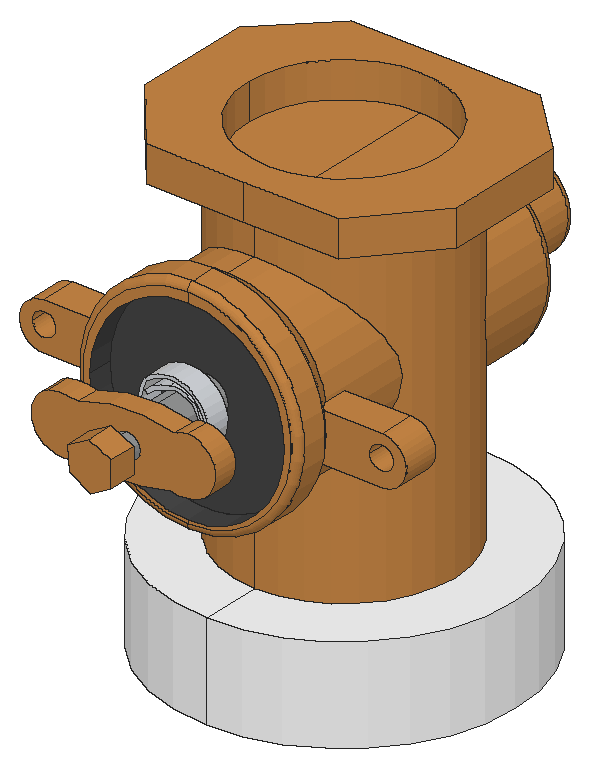
Revit family "Válvula descarga Alta Presión", category Plumbing Fixtures, Revit 2015
Parameters (values of type "Válvula descarga Alta Presión")
  Width = 80 mm
  URL = "www.mk.cl"
  Type Comments = "Válvula de descarga para WC alta presión Docol.Terminación: bronce."
  Supplier = "Mk"  # constant formula
  Model = "Válvula descarga Alta Presión"
  Manufacturer = "Docol"  # constant formula
  Keynote = "22 11 16"
  ID_Source = "BIMTOOL"
  ID_Objeto = "BT_F_F_1832"
  Height = 78 mm
  Description = "Válvula de descarga alta presión"
  Depth = 110 mm
  Copyright © = "Bimtool 2018 ®Todos los derechos reservados."  # constant formula
  BT_Uso = "Válvula descarga para WC"
  BT_SKU = "00 00 00"
  BT_Material = Liga de Cobre ,Plástico Engenharia e Elastômeros
  BT_Itemizado_Estandar_CDT = "E 04 02 00"
  BT_Color = "Bronce"
  Assembly Code = "D2010.60"
Reference planes
  plane 1 "Center (Front/Back)": y = 0
  plane 2: z = 0
  plane 3 "Center (Left/Right)": x = 0
  plane 4: x = 40
  plane 5: x = -40
  plane 6: z = 78
  plane 7: y = 55
  plane 8: y = -55
Forms (mm)
  Extrusion 1, solid, material "Liga de Cobre ,Plástico Engenharia e Elastômeros"
    sketch origin (0, 0, 0) x (1, 0, 0) y (0, 1, 0)
      loop
        line (0, 37.817) -> (-19.77, 37.817) -> (-32.586, 25) -> (-32.586, 0) -> (-20, -15) -> (0, -15) -> (20, -15) -> (32.586, 0) -> (32.586, 25) -> (19.77, 37.817) -> (0, 37.817)
      loop
        circle (0, 11.408) r 20
    from 70.49 to 78
  Revolve 2, solid, material "Liga de Cobre ,Plástico Engenharia e Elastômeros"
    sketch origin (0, 0, 0) x (0, 1, 0) y (0, 0, 1)
      loop
        line (11.408, 70.49) -> (11.408, 0.49) -> (34.613, 0.49) -> (34.613, 70.49) -> (11.408, 70.49)
      axis (11.408, 70.49) -> (11.408, 0.49)
    angle from 0 to 360
  Revolve 3, solid, material "Liga de Cobre ,Plástico Engenharia e Elastômeros"
    sketch origin (0, 0, 0) x (0, 1, 0) y (0, 0, 1)
      loop
        line (41.16, 42.355) -> (41.16, 60.781)
        arc (41.16, 60.781) -> (40.699, 61.894) -> (39.586, 62.355) r 1.573
        line (39.586, 62.355) -> (11.16, 62.355) -> (11.16, 42.355) -> (41.16, 42.355)
      axis (41.16, 42.355) -> (11.16, 42.355)
    angle from 0 to 360
  Revolve 4, solid, material "Liga de Cobre ,Plástico Engenharia e Elastômeros"
    sketch origin (0, 0, 0) x (0, 1, 0) y (0, 0, 1)
      loop
        line (39.305, 42.355) -> (59.305, 42.355) -> (59.305, 50.407)
        arc (59.305, 50.407) -> (58.826, 51.563) -> (57.67, 52.041) r 1.635
        line (57.67, 52.041) -> (39.305, 52.041) -> (39.305, 42.355)
      axis (39.305, 42.355) -> (59.305, 42.355)
    angle from 0 to 360
  Revolve 5, solid, material "Liga de Cobre ,Plástico Engenharia e Elastômeros"
    sketch origin (0, 0, 0) x (0, 1, 0) y (0, 0, 1)
      loop
        line (-22.498, 41.948) -> (19.974, 41.948) -> (19.974, 62.484) -> (-22.498, 62.484) -> (-22.498, 41.948)
      axis (-22.498, 41.948) -> (19.974, 41.948)
    angle from 0 to 360
  Revolve 6, solid, material "Liga de Cobre ,Plástico Engenharia e Elastômeros"
    sketch origin (0, 0, 0) x (0, 1, 0) y (0, 0, 1)
      loop
        line (-18.402, 41.948) -> (-18.402, 62.306) -> (-22.498, 65.173) -> (-27.917, 65.173)
        arc (-27.917, 65.173) -> (-28.984, 64.731) -> (-29.426, 63.664) r 1.509
        line (-29.426, 63.664) -> (-29.426, 41.948) -> (-18.402, 41.948)
      axis (-18.402, 41.948) -> (-29.426, 41.948)
    angle from 0 to 360
  Extrusion 7, solid, material "Liga de Cobre ,Plástico Engenharia e Elastômeros"
    sketch origin (0, 0, 0) x (1, 0, 0) y (0, 0, 1)
      loop
        line (21.319, 46.409) -> (21.319, 36.409) -> (35.124, 36.409)
        arc (35.124, 36.409) -> (40.124, 41.409) -> (35.124, 46.409) r 5
        line (35.124, 46.409) -> (21.319, 46.409)
      loop
        circle (34.972, 41.877) r 2.477
      loop
        line (-21.809, 46.654) -> (-35.614, 46.654)
        arc (-35.614, 46.654) -> (-40.614, 41.654) -> (-35.614, 36.654) r 5
        line (-35.614, 36.654) -> (-21.809, 36.654) -> (-21.809, 46.654)
      loop
        circle (-35.462, 42.121) r 2.477
    from 15 to 22.498
  Extrusion 8, void
    sketch origin (0, 0, 0) x (1, 0, 0) y (0, 0, 1)
      loop
        circle (0, 41.348) r 20.349
    from 24.406 to 30.689
  Extrusion 9, solid, material "Liga de Cobre ,Plástico Engenharia e Elastômeros"
    sketch origin (0, 0, 0) x (1, 0, 0) y (0, 0, 1)
      loop
        arc (15.481, 37.328) -> (18.47, 43.987) -> (12.723, 48.486) r 5.92
        arc (12.723, 48.486) -> (11.191, 48.285) -> (9.763, 47.693) r 5.92
        arc (9.763, 47.693) -> (-0.303, 48.692) -> (-10.21, 46.646) r 33.57
        arc (-10.21, 46.646) -> (-13.276, 46.972) -> (-16.342, 46.646) r 14.619
        arc (-16.342, 46.646) -> (-19.957, 41.146) -> (-16.342, 35.646) r 5.992
        arc (-16.342, 35.646) -> (-13.085, 34.972) -> (-9.828, 35.646) r 8.209
        arc (-9.828, 35.646) -> (-0.228, 35.071) -> (9.26, 36.646) r 42.957
        arc (9.26, 36.646) -> (12.435, 36.396) -> (15.481, 37.328) r 8.532
    from 40.363 to 45.283
  Extrusion 10, solid, material "Liga de Cobre ,Plástico Engenharia e Elastômeros"
    sketch origin (0, 0, 0) x (1, 0, 0) y (0, 0, 1)
      loop
        line (3.976, 44.525) -> (-0.79, 46.747) -> (-5.12, 44.247) -> (-4.684, 39.266) -> (-0.354, 36.766) -> (3.976, 39.266) -> (3.976, 44.525)
    from 48.538 to 54.361
  Revolve 11, solid, material "Metal gris"
    sketch origin (0, 0, 0) x (0, 1, 0) y (0, 0, 1)
      loop
        line (-38.538, 41.895) -> (-38.538, 44.525) -> (-48.538, 44.525) -> (-48.538, 41.895) -> (-38.538, 41.895)
      axis (-48.538, 41.895) -> (-38.538, 41.895)
    angle from 0 to 360
  Revolve 12, solid, material "Metal gris"
    sketch origin (0, 0, 0) x (0, 1, 0) y (0, 0, 1)
      loop
        line (-38.538, 41.895) -> (-21.908, 41.895) -> (-21.908, 46.187) -> (-36.876, 46.187) -> (-38.538, 44.525) -> (-38.538, 41.895)
      axis (-38.538, 41.895) -> (-21.908, 41.895)
    angle from 0 to 360
  Sweep 13, solid
    path origin (0, 0, 0) x (0, 1, 0) y (0, 0, 1)
      loop
        line (-34.426, 42.355) -> (-29.426, 42.355)
    profile origin (0, -31.926, 42.355) x (0, 0, 1) y (1, 0, 0)
      loop
        arc (0.006, -6.736) -> (-2.847, 7.156) -> (5.251, -4.487) r 7.239
        arc (5.251, -4.487) -> (2.591, -5.424) -> (-0.224, -5.575) r 9.904
        arc (-0.224, -5.575) -> (-5.696, 0.834) -> (0.591, 6.444) r 6.025
        arc (0.591, 6.444) -> (4.532, 4.385) -> (5.273, 0) r 4.999
        arc (5.273, 0) -> (4.295, -2.316) -> (2.849, -4.373) r 11.845
        line (2.849, -4.373) -> (3.41, -4.934)
        arc (3.41, -4.934) -> (5.167, -2.566) -> (6.116, 0.225) r 9.534
        arc (6.116, 0.225) -> (4.826, 4.97) -> (0.355, 7.016) r 5.795
        arc (0.355, 7.016) -> (-4.606, 4.961) -> (-6.661, 0) r 7.016
        arc (-6.661, 0) -> (-4.453, -4.49) -> (0.244, -6.217) r 6.733
        arc (0.244, -6.217) -> (3.117, -6.007) -> (5.787, -4.923) r 9.262
        arc (5.787, -4.923) -> (-3.116, 7.66) -> (-0.003, -7.437) r 7.874
        arc (-0.003, -7.437) -> (0.357, -7.091) -> (0.006, -6.736) r 0.351
  Revolve 14, solid, material "blanco"
    sketch origin (0, 0, 0) x (0, 1, 0) y (0, 0, 1)
      loop
        line (11.408, 0.49) -> (11.408, -19.51) -> (47.303, -19.51) -> (47.303, 0.49) -> (11.408, 0.49)
      axis (11.408, 0.49) -> (11.408, -19.51)
    angle from 0 to 360
Cuts and joins
  Extrusion 8 cuts Revolve 2
  Extrusion 8 cuts Revolve 5
  Extrusion 8 cuts Revolve 6
Dimensions and locks
  "Width": plane 5 to plane 4
  "Depth": plane 8 to plane 7
  "Height": plane 6 to level
  aligned and locked: level to plane 2
Automatic sketch dimensions
  Revolve 2 sketch curve to level = 0 mm
  Revolve 2 sketch curve to plane 1 "Center (Front/Back)" = 11.408 mm
  Revolve 2 sketch curve to plane 6 = 7.51 mm
  plane 7 to Revolve 2 sketch curve = 20.387 mm
  level to Revolve 2 sketch curve = 0.49 mm
  Revolve 2 sketch curve to Revolve 2 sketch curve = 0 mm  (x2)
  Revolve 3 sketch curve to plane 1 "Center (Front/Back)" = 11.16 mm
  plane 7 to Revolve 3 sketch curve = 15.414 mm
  plane 7 to Revolve 3 sketch curve = 13.84 mm
  Revolve 3 sketch curve to plane 6 = 35.645 mm
  Revolve 3 sketch curve to plane 6 = 17.219 mm
  Revolve 3 sketch curve to Revolve 3 sketch curve = 0 mm  (x2)
  Revolve 3 sketch curve to plane 7 = 4.319 mm
  plane 7 to Revolve 4 sketch curve = 15.695 mm
  Revolve 4 sketch curve to plane 7 = 2.67 mm
  Revolve 4 sketch curve to plane 6 = 35.645 mm
  Revolve 4 sketch curve to Revolve 4 sketch curve = 8.052 mm
  Revolve 4 sketch curve to Revolve 4 sketch curve = 0 mm  (x3)
  Revolve 4 sketch curve to Revolve 4 sketch curve = 1.635 mm
  plane 1 "Center (Front/Back)" to Revolve 5 sketch curve = 22.498 mm
  Revolve 5 sketch curve to plane 1 "Center (Front/Back)" = 19.974 mm
  Revolve 5 sketch curve to plane 6 = 36.052 mm
  Revolve 5 sketch curve to plane 6 = 15.516 mm
  Revolve 5 sketch curve to Revolve 5 sketch curve = 0 mm  (x2)
  Revolve 5 sketch curve to Revolve 5 sketch curve = 30.592 mm
  Revolve 6 sketch curve to plane 6 = 14.336 mm
  plane 8 to Revolve 6 sketch curve = 25.574 mm
  Revolve 6 sketch curve to Revolve 6 sketch curve = 1.509 mm
  Revolve 6 sketch curve to Revolve 6 sketch curve = 5.419 mm
  Revolve 6 sketch curve to Revolve 6 sketch curve = 11.023 mm
  Revolve 6 sketch curve to Revolve 6 sketch curve = 2.868 mm
  Revolve 6 sketch curve to Revolve 6 sketch curve = 21.716 mm
  Revolve 6 sketch curve to Revolve 6 sketch curve = 0 mm  (x3)
  Extrusion 7 sketch curve to plane 5 = 4.386 mm
  Extrusion 7 sketch curve to Extrusion 7 sketch curve = 0.152 mm  (x2)
  Extrusion 7 sketch curve to Extrusion 7 sketch curve = 13.805 mm
  Extrusion 7 sketch curve to plane 4 = 18.681 mm
  Extrusion 7 sketch curve to plane 4 = 5.028 mm
  level to Extrusion 7 sketch curve = 36.409 mm
  level to Extrusion 7 sketch curve = 36.654 mm
  Extrusion 7 sketch curve to Extrusion 7 sketch curve = 5 mm  (x2)
  Extrusion 7 sketch curve to Extrusion 7 sketch curve = 0.468 mm  (x2)
  Extrusion 8 sketch curve to plane 3 "Center (Left/Right)" = 0 mm
  Extrusion 8 sketch curve to plane 6 = 36.652 mm
  plane 1 "Center (Front/Back)" to Extrusion 1 sketch curve = 0 mm  (x2)
  Extrusion 1 sketch curve to plane 3 "Center (Left/Right)" = 0 mm  (x3)
  Extrusion 1 sketch curve to plane 3 "Center (Left/Right)" = 19.77 mm
  Extrusion 1 sketch curve to plane 3 "Center (Left/Right)" = 20 mm
  Extrusion 1 sketch curve to plane 5 = 7.414 mm
  plane 3 "Center (Left/Right)" to Extrusion 1 sketch curve = 19.77 mm
  plane 3 "Center (Left/Right)" to Extrusion 1 sketch curve = 20 mm
  Extrusion 1 sketch curve to plane 4 = 7.414 mm
  plane 1 "Center (Front/Back)" to Extrusion 1 sketch curve = 15 mm
  Extrusion 1 sketch curve to plane 1 "Center (Front/Back)" = 11.408 mm
  Extrusion 1 sketch curve to Extrusion 1 sketch curve = 25 mm  (x2)
  plane 7 to Extrusion 1 sketch curve = 17.183 mm
  Extrusion 9 sketch curve to Extrusion 9 sketch curve = 0 mm  (x3)
  Extrusion 9 sketch curve to plane 3 "Center (Left/Right)" = 13.965 mm
  Extrusion 9 sketch curve to Extrusion 9 sketch curve = 0.689 mm
  Extrusion 9 sketch curve to Extrusion 9 sketch curve = 0.88 mm
  Extrusion 9 sketch curve to plane 6 = 0.03 mm
  Extrusion 9 sketch curve to plane 3 "Center (Left/Right)" = 2.476 mm
  plane 3 "Center (Left/Right)" to Extrusion 9 sketch curve = 1.454 mm
  plane 3 "Center (Left/Right)" to Extrusion 9 sketch curve = 11.506 mm
  Extrusion 9 sketch curve to Extrusion 9 sketch curve = 1.217 mm
  Extrusion 9 sketch curve to Extrusion 9 sketch curve = 1.697 mm
  Extrusion 9 sketch curve to Extrusion 9 sketch curve = 2.311 mm
  Extrusion 9 sketch curve to Extrusion 9 sketch curve = 2.035 mm
  Extrusion 9 sketch curve to Extrusion 9 sketch curve = 8.793 mm
  Extrusion 9 sketch curve to Extrusion 9 sketch curve = 3.066 mm
  Extrusion 9 sketch curve to Extrusion 9 sketch curve = 3.257 mm
  Extrusion 9 sketch curve to Extrusion 9 sketch curve = 2.876 mm
  Extrusion 9 sketch curve to Extrusion 9 sketch curve = 3.448 mm
  Extrusion 9 sketch curve to Extrusion 9 sketch curve = 3.463 mm
  Extrusion 9 sketch curve to Extrusion 9 sketch curve = 2.96 mm
  Extrusion 9 sketch curve to Extrusion 9 sketch curve = 2.758 mm
  Extrusion 10 sketch curve to plane 3 "Center (Left/Right)" = 5.12 mm
  Extrusion 10 sketch curve to plane 3 "Center (Left/Right)" = 4.684 mm
  Extrusion 10 sketch curve to plane 3 "Center (Left/Right)" = 0.79 mm
  Extrusion 10 sketch curve to plane 3 "Center (Left/Right)" = 0.354 mm
  level to Extrusion 10 sketch curve = 36.766 mm
  Extrusion 10 sketch curve to Extrusion 10 sketch curve = 2.5 mm  (x3)
  Extrusion 10 sketch curve to Extrusion 10 sketch curve = 4.981 mm
  plane 3 "Center (Left/Right)" to Extrusion 10 sketch curve = 3.976 mm
  Extrusion 10 sketch curve to Extrusion 10 sketch curve = 2.222 mm
  plane 8 to Revolve 11 sketch curve = 6.462 mm
  Revolve 11 sketch curve to Revolve 11 sketch curve = 10 mm
  Revolve 11 sketch curve to plane 6 = 36.105 mm
  Revolve 11 sketch curve to Revolve 11 sketch curve = 2.629 mm
  Revolve 11 sketch curve to Revolve 11 sketch curve = 0 mm  (x3)
  plane 8 to Revolve 12 sketch curve = 16.462 mm
  Revolve 12 sketch curve to Revolve 12 sketch curve = 1.662 mm  (x2)
  Revolve 12 sketch curve to Revolve 12 sketch curve = 14.969 mm
  Revolve 12 sketch curve to plane 6 = 33.475 mm
  Revolve 12 sketch curve to Revolve 12 sketch curve = 0 mm  (x2)
  Revolve 12 sketch curve to Revolve 12 sketch curve = 7.518 mm
  Revolve 12 sketch curve to Revolve 12 sketch curve = 2.629 mm
  Sweep 13 sketch curve to plane 3 "Center (Left/Right)" = 0 mm
  Sweep 13 sketch curve to Sweep 13 sketch curve = 2.789 mm
  Sweep 13 sketch curve to profile plane = 0.006 mm
  Sweep 13 sketch curve to profile plane = 0.019 mm
  Sweep 13 sketch curve to Sweep 13 sketch curve = 0.046 mm
  Sweep 13 sketch curve to Sweep 13 sketch curve = 0.262 mm
  Sweep 13 sketch curve to profile plane = 0.355 mm
  Sweep 13 sketch curve to profile plane = 0.408 mm
  Sweep 13 sketch curve to Sweep 13 sketch curve = 0.08 mm
  Sweep 13 sketch curve to profile plane = 0.661 mm
  Sweep 13 sketch curve to profile plane = 1.012 mm
  Sweep 13 sketch curve to profile plane = 2.849 mm
  Sweep 13 sketch curve to Sweep 13 sketch curve = 2.713 mm
  plane 3 "Center (Left/Right)" to Sweep 13 sketch curve = 0.426 mm
  Sweep 13 sketch curve to Sweep 13 sketch curve = 0.011 mm  (x2)
  Sweep 13 sketch curve to Sweep 13 sketch curve = 0.066 mm
  Sweep 13 sketch curve to Sweep 13 sketch curve = 0.707 mm
  Sweep 13 sketch curve to Sweep 13 sketch curve = 0.225 mm
  plane 3 "Center (Left/Right)" to Sweep 13 sketch curve = 1.864 mm
  Sweep 13 sketch curve to Sweep 13 sketch curve = 1.566 mm
  Sweep 13 sketch curve to Sweep 13 sketch curve = 1.563 mm
  Sweep 13 sketch curve to Sweep 13 sketch curve = 1.277 mm
  Sweep 13 sketch curve to Sweep 13 sketch curve = 0.596 mm
  profile plane to Sweep 13 sketch curve = 0.224 mm
  Sweep 13 sketch curve to Sweep 13 sketch curve = 0 mm  (x2)
  profile plane to Sweep 13 sketch curve = 0.003 mm
  Sweep 13 sketch curve to profile plane = 0.244 mm
  Sweep 13 sketch curve to profile plane = 0.591 mm
  Sweep 13 sketch curve to Sweep 13 sketch curve = 0.56 mm  (x2)
  Sweep 13 sketch curve to Sweep 13 sketch curve = 1.841 mm
  Sweep 13 sketch curve to Sweep 13 sketch curve = 0.536 mm
  plane 3 "Center (Left/Right)" to Sweep 13 sketch curve = 0.225 mm
  plane 8 to Sweep 13 sketch curve = 20.574 mm
  Sweep 13 sketch curve to plane 6 = 35.645 mm
  Sweep 13 sketch curve to Sweep 13 sketch curve = 5 mm
  level to Revolve 14 sketch curve = 0.49 mm
  Revolve 14 sketch curve to plane 1 "Center (Front/Back)" = 11.408 mm
  plane 7 to Revolve 14 sketch curve = 7.697 mm
  Revolve 14 sketch curve to level = 19.51 mm
  Revolve 14 sketch curve to Revolve 14 sketch curve = 0 mm  (x3)
  radius of Extrusion 7 sketch curve = 2.477 mm  (x2)
  radius of Extrusion 8 sketch curve = 20.349 mm
  radius of Extrusion 1 sketch curve = 20 mm
